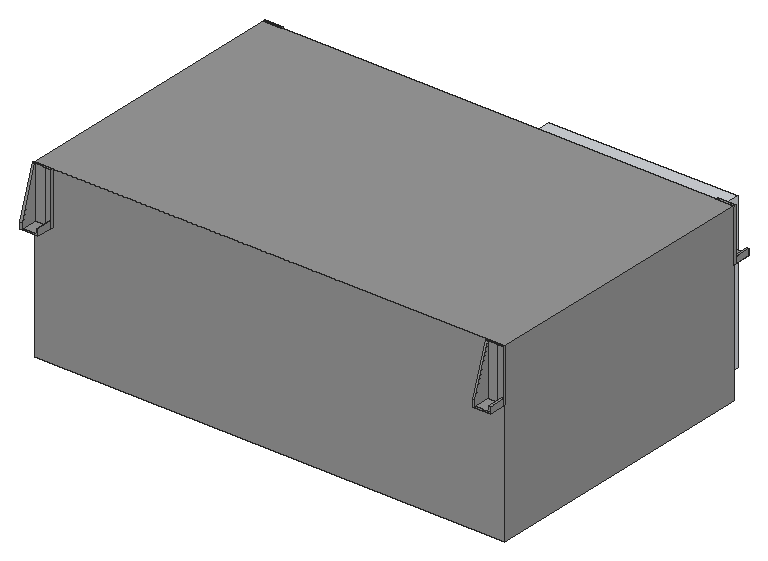
Revit family "НЕВАТОМ_Neiva 2 подвесная С-W-R 1000, Версия 2", category Оборудование, Revit 2017
Family settings
  Размер круглого соединителя = Использовать диаметр
  Тип детали = Нормальный
  На основе рабочей плоскости = Да
  Всегда вертикально = Нет
  При загрузке вырезать с полостями = Нет
  Общий = Нет
  Точка расчета площади = Нет
Parameters (values of type "C-1000-W-R")
  расстояние справа от щита = 592 mm
  расстояние до щита = 0 mm
  п5 = 468 mm
  п4 = 418 mm
  п3 = 230 mm
  п2 = 178 mm
  п1 = 128 mm
  длина щита = 440 mm
  длина ПВУ = 1100 mm
  глубина щита = 100 mm
  глубина ПВУ = 670 mm
  высота щита = 360 mm
  высота ПВУ = 410 mm
  вводный канал с = 945 mm
  вводный канал а = 946 mm
  вводный канал d = 255.081 mm
  вводный канал b = 68 mm
  Питание, В = "220"
  Default Elevation = 0 mm
  А6 = 270 mm
  s = 16.514 mm
  m = 38.324 mm
  k  длина = 313 mm
  g6 = 200 mm
  g5 = 240 mm
  g4 = 75 mm
  g3 = 130 mm
  g1 = 18 mm
  f6 = 24.614 mm
  f5 = 64.614 mm
  f4 = 63.91 mm
  f3 = 44.614 mm
  f2 = 44.614 mm
  f1 = 39.65 mm
  d вниз = 60 mm
  c низ влево = 620 mm
  b4 = 75 mm
  b3 = 126 mm
  b2 = 174 mm
  b1 = 272 mm
  b вверх = 80 mm
  a влево = 578 mm
  PG = 0 mm
  Nevatom_Регулятор воздуха = ""
  Nevatom_Производительность = ""
  Nevatom_Напорная характеристика, Р1 = 200.0 Pa
  Nevatom_Напорная характеристика, P = 0.0 Pa
  Nevatom_Мощность нагревателя = 0 W
  Nevatom_Для задания электроснабжения = ""
  Nevatom_URL = ""
  Nevatom_Q1, м³/ч = 2880.0 m³/h
  Nevatom_Q, м³/ч = 1800.0 m³/h
  ADSK_Ток = 4.55 A
  ADSK_Температура воздуха на выходе из нагревателя = 70 °C
  ADSK_Температура воздуха на входе в нагреватель = 90 °C
  ADSK_Расход жидкости = 0.62 m³/h
  ADSK_Расход воздуха = 0.0 m³/h
  ADSK_Размер_Ширина = глубина ПВУ  # 670 mm
  ADSK_Размер_Длина = длина ПВУ  # 1100 mm
  ADSK_Размер_Высота = высота ПВУ  # 410 mm
  ADSK_Потеря давления воздуха = 0.0 Pa
  ADSK_Полная мощность = ADSK_Номинальная мощность / ADSK_Коэффициент мощности  # 747.5 VA
  ADSK_Позиция = ""
  ADSK_Номинальная мощность = 598 W
  ADSK_Напряжение = 230 V
  ADSK_Наименование = "C-1000-W-R"
  ADSK_Материал наименование = "сталь оцинкованная крашенная"
  ADSK_Марка = "C-1000-W-R"
  ADSK_Коэффициент мощности = 0.8  # constant formula
  ADSK_Количество фаз числовое = 3
  ADSK_Количество фаз = 3
  ADSK_Количество = 1  # constant formula
  ADSK_Код изделия = ""
  ADSK_Завод-изготовитель = "НЕВАТОМ"  # constant formula
  ADSK_Единица измерения = "шт"
  A1 = 500 mm
Reference planes
  plane 1 "По центру (Вперед/Назад)": y = 0
  plane 2: z = 0
  plane 3 "По центру (Влево/Вправо)": x = 0
  plane 4: y = 758.601
  plane 5: y = 88.601
  plane 6: x = -730
  plane 7: x = 370
  plane 8: y = -11.399
  plane 9: x = -662
  plane 10: z = 410
  plane 11: x = -222
  plane 12: z = 0
  plane 13: z = 0
  plane 14: z = 360
  plane 15: y = 682.601
Forms (mm)
  Extrusion 1, solid, material "Сталь, окрашенная, слоновая кость, матовая"
    sketch origin (0, 0, 0) x (1, 0, 0) y (0, 1, 0)
      loop
        line (-730, 758.601) -> (-730, 88.601) -> (370, 88.601) -> (370, 758.601) -> (-730, 758.601)
    from 0 to 410
  Extrusion 2, solid
    sketch origin (520, 771.201, 0) x (1, 0, 0) y (0, 1, 0)
      loop
        line (-662, 87.399) -> (-662, -12.601) -> (-222, -12.601) -> (-222, 87.399) -> (-662, 87.399)
    from 0 to 360
Dimensions and locks
  plane 6 to plane 3 "По центру (Влево/Вправо)" to plane 7 = 730 mm, 370 mm
  "длина ПВУ": plane 6 to plane 7
  plane 4 to plane 5 to plane 1 "По центру (Вперед/Назад)" = 670 mm, 88.601 mm
  "глубина ПВУ": plane 4 to plane 5
  "глубина щита": plane 5 to plane 8
  "расстояние справа от щита": plane 11 to plane 7
  "высота ПВУ": plane 10 to level
  plane 12 to level = 0 mm
  "расстояние до щита": plane 13 to plane 12
  "высота щита": plane 14 to plane 13
  "длина щита": plane 11 to plane 9
  aligned and locked: level to plane 2
  aligned and locked: Extrusion 1 sketch curve to plane 4
  aligned and locked: plane 6 to Extrusion 1 sketch curve
  aligned and locked: Extrusion 1 sketch curve to plane 7
  aligned and locked: Extrusion 1 to plane 5
  aligned and locked: Extrusion 1 to plane 10
  aligned and locked: plane 10 to nested 1
  aligned and locked: plane 10 to nested 2
  aligned and locked: nested 4 to plane 10
  aligned and locked: nested 3 to plane 10
  aligned and locked: nested 5 to plane 4
  aligned and locked: plane 4 to nested 6
  aligned and locked: plane 4 to nested 19
  aligned and locked: nested 4 to plane 4
  aligned and locked: nested 3 to plane 4
Automatic sketch dimensions
  Extrusion 1 sketch curve to plane 5 = 0 mm
  Extrusion 2 sketch curve to plane 4 = 0 mm
  plane 11 to Extrusion 2 sketch curve = 80 mm
  Extrusion 2 sketch curve to plane 7 = 72 mm
  plane 4 to Extrusion 2 sketch curve = 100 mm
Nested families
  nested 1: "кронштейн" at (-707.156, 69.201, 413.126) x (1, 0, 0) z (0, 0, -1), type "кронштейн"
  nested 2: "кронштейн" at (350.844, 69.201, 413.126) x (1, 0, 0) z (0, 0, -1), type "кронштейн"
  nested 3: "кронштейн" at (-707.156, 778, 413.126) x (1, 0, 0) z (0, 0, -1), type "кронштейн"
  nested 4: "кронштейн" at (350.844, 778, 413.126) x (1, 0, 0) z (0, 0, -1), type "кронштейн"
  nested 5: "патрубок NWP" at (-252, 756.601, 280) x (1, 0, 0) z (0, 1, 0), type "патрубок NWP"
  nested 6: "патрубок NWP" at (-210, 758.601, 60) x (1, 0, 0) z (0, 1, 0), type "патрубок NWP"
  nested 7: "кабельный ввод PG16" at (-142, 808.601, 174) x (0, 1, 0) z (-1, 0, 0), type "PG16"
  nested 8: "кабельный ввод PG16" at (-142, 808.601, 50) x (0, 1, 0) z (-1, 0, 0), type "PG16"
  nested 9: "кабельный ввод PG11" at (-142, 807.879, 130) x (0, 1, 0) z (-1, 0, 0), type "PG11"
  nested 10: "кабельный ввод PG16" at (-142, 808.601, 217.296) x (0, 1, 0) z (-1, 0, 0), type "PG16"
  nested 11: "кабельный ввод PG16" at (-142, 808.601, 260.592) x (0, 1, 0) z (-1, 0, 0), type "PG16"
  nested 12: "выключатель пластик" at (293, 738.015, 125) x (0, -1, 0) z (1, 0, 0), type "выключатель пластик"
  nested 13: "кабельный ввод PG16" at (298, 808.601, 40) x (0, 1, 0) z (1, 0, 0), type "PG16"
  nested 14: "кабельный ввод PG21" at (205, 813.601, 0) x (-1, 0, 0) z (0, 0, -1), type "PG21"
  nested 15: "кабельный ввод PG11" at (150, 813.601, 0) x (-1, 0, 0) z (0, 0, -1), type "PG11"
  nested 16: "кабельный ввод PG11" at (75, 813.601, 0) x (-1, 0, 0) z (0, 0, -1), type "PG11"
  nested 17: "кабельный ввод PG11" at (-107, 783.601, 0) x (-1, 0, 0) z (0, 0, -1), type "PG11"
  nested 18: "кабельный ввод PG11" at (-57, 803.601, 0) x (-1, 0, 0) z (0, 0, -1), type "PG11"
  nested 19: "термостат" at (-341, 797.601, 255.121) x (-1, 0, 0) z (0, -1, 0), type "термостат"
  nested 20: "кабельный ввод PG11" at (-580.315, 758.601, 80.986) x (1, 0, 0) z (0, 1, 0), type "PG11"
  nested 21: "кабельный ввод PG11" at (-580.315, 758.601, 130.986) x (1, 0, 0) z (0, 1, 0), type "PG11"
  nested 22: "кабельный ввод PG11" at (-580.315, 758.601, 180.986) x (1, 0, 0) z (0, 1, 0), type "PG11"
  nested 23: "кабельный ввод PG11" at (-107, 833.601, 0) x (-1, 0, 0) z (0, 0, -1), type "PG11"
Connectors
  hvac at (370, 423.601, 205), driven by "А6", driven by "A1", driven by "ADSK_Расход воздуха", driven by "ADSK_Потеря давления воздуха"
    settings: on Extrusion 1, index 1, duct flow 0.0 m³/h, flow factor 0, pres drop 0.0 Pa, loss coef 0, conn angle 0.00°, conn width 500 mm, conn height 270 mm, conn diameter 609.6 mm, duct sys type 29, conn prof type 1, flow config 0, flow direction 1, loss method 4, conn ref index 2, conn util no, is conn primary yes, conn desc ""
  hvac at (-730, 423.601, 205), driven by "А6", driven by "A1", driven by "ADSK_Расход воздуха", driven by "ADSK_Потеря давления воздуха"
    settings: on Extrusion 1, index 2, duct flow 0.0 m³/h, flow factor 0, pres drop 0.0 Pa, loss coef 0, conn angle 0.00°, conn width 500 mm, conn height 270 mm, conn diameter 609.6 mm, duct sys type 1, conn prof type 1, flow config 2, flow direction 2, loss method 4, conn ref index 1, conn util no, is conn primary no, conn desc ""
  piping at (-252, 872.601, 280), diameter 30
    settings: on nested 5, index 3, connector inside diameter 609.6 mm, connector length 0 mm, flow factor 0, pipe flow 0.0 m³/h, pressure drop 0.0 Pa, fitting loss kfactor 0, connector angle 0.00°, fixture units 0, engagement length 0 mm, angle of deflection 0.00°, flow configuration 0, flow direction 0, fitting loss method 0, system type 19, joint type 0, gender type 0, connector reference index -1, connector utility 0, adjustable connector no, is connector primary yes, connector description ""
  piping at (-210, 874.601, 60), diameter 30
    settings: on nested 6, index 4, connector inside diameter 609.6 mm, connector length 0 mm, flow factor 0, pipe flow 0.0 m³/h, pressure drop 0.0 Pa, fitting loss kfactor 0, connector angle 0.00°, fixture units 0, engagement length 0 mm, angle of deflection 0.00°, flow configuration 0, flow direction 0, fitting loss method 0, system type 19, joint type 0, gender type 0, connector reference index -1, connector utility 0, adjustable connector no, is connector primary no, connector description ""
  electrical at (298, 808.601, 40)
    settings: on nested 13, index 5, voltage 0 V, apparent load 0 VA, apparent load phase1 0 VA, apparent load phase2 0 VA, apparent load phase3 0 VA, power factor 1, load classification "Прочее", number of poles 1, system type 5, power factor state 1, is connector primary yes, connector utility no, sub classification motor no, connector description ""
  electrical at (205, 813.601, 0), driven by "ADSK_Количество фаз", driven by "ADSK_Напряжение", driven by "ADSK_Полная мощность", driven by "ADSK_Коэффициент мощности"
    settings: on nested 14, index 6, voltage 230 V, apparent load 0 VA, apparent load phase1 747.5 VA, apparent load phase2 0 VA, apparent load phase3 0 VA, power factor 0.8, load classification "Двигатель", number of poles 3, system type 31, power factor state 1, is connector primary no, connector utility no, sub classification motor no, connector description ""
  electrical at (150, 813.601, 0)
    settings: on nested 15, index 7, voltage 0 V, apparent load 0 VA, apparent load phase1 0 VA, apparent load phase2 0 VA, apparent load phase3 0 VA, power factor 1, load classification "Прочее", number of poles 1, system type 5, power factor state 1, is connector primary no, connector utility no, sub classification motor no, connector description ""
  electrical at (75, 813.601, 0)
    settings: on nested 16, index 8, voltage 0 V, apparent load 0 VA, apparent load phase1 0 VA, apparent load phase2 0 VA, apparent load phase3 0 VA, power factor 1, load classification "Прочее", number of poles 1, system type 14, power factor state 1, is connector primary no, connector utility no, sub classification motor no, connector description ""
  electrical at (-57, 803.601, 0)
    settings: on nested 18, index 9, voltage 0 V, apparent load 0 VA, apparent load phase1 0 VA, apparent load phase2 0 VA, apparent load phase3 0 VA, power factor 1, load classification "Прочее", number of poles 1, system type 14, power factor state 1, is connector primary no, connector utility no, sub classification motor no, connector description ""
  electrical at (-107, 783.601, 0)
    settings: on nested 17, index 10, voltage 0 V, apparent load 0 VA, apparent load phase1 0 VA, apparent load phase2 0 VA, apparent load phase3 0 VA, power factor 1, load classification "Прочее", number of poles 1, system type 14, power factor state 1, is connector primary no, connector utility no, sub classification motor no, connector description ""
  electrical at (-107, 833.601, 0)
    settings: on nested 23, index 11, voltage 0 V, apparent load 0 VA, apparent load phase1 0 VA, apparent load phase2 0 VA, apparent load phase3 0 VA, power factor 1, load classification "Прочее", number of poles 1, system type 14, power factor state 1, is connector primary no, connector utility no, sub classification motor no, connector description ""
  electrical at (-142, 808.601, 50)
    settings: on nested 8, index 12, voltage 0 V, apparent load 0 VA, apparent load phase1 0 VA, apparent load phase2 0 VA, apparent load phase3 0 VA, power factor 1, load classification "Прочее", number of poles 1, system type 5, power factor state 1, is connector primary no, connector utility no, sub classification motor no, connector description ""
  electrical at (-142, 807.879, 130)
    settings: on nested 9, index 13, voltage 0 V, apparent load 0 VA, apparent load phase1 0 VA, apparent load phase2 0 VA, apparent load phase3 0 VA, power factor 1, load classification "Прочее", number of poles 1, system type 14, power factor state 1, is connector primary no, connector utility no, sub classification motor no, connector description ""
  electrical at (-142, 808.601, 174)
    settings: on nested 7, index 14, voltage 0 V, apparent load 0 VA, apparent load phase1 0 VA, apparent load phase2 0 VA, apparent load phase3 0 VA, power factor 1, load classification "Прочее", number of poles 1, system type 14, power factor state 1, is connector primary no, connector utility no, sub classification motor no, connector description ""
  electrical at (-142, 808.601, 217.296)
    settings: on nested 10, index 15, voltage 0 V, apparent load 0 VA, apparent load phase1 0 VA, apparent load phase2 0 VA, apparent load phase3 0 VA, power factor 1, load classification "Прочее", number of poles 1, system type 14, power factor state 1, is connector primary no, connector utility no, sub classification motor no, connector description ""
  electrical at (-142, 808.601, 260.592)
    settings: on nested 11, index 16, voltage 0 V, apparent load 0 VA, apparent load phase1 0 VA, apparent load phase2 0 VA, apparent load phase3 0 VA, power factor 1, load classification "Прочее", number of poles 1, system type 14, power factor state 1, is connector primary no, connector utility no, sub classification motor no, connector description ""
Definition of nested family "кронштейн"
  Reference planes
    plane 1 "По центру (Вперед/Назад)": y = 0
    plane 2: z = 0
    plane 3 "По центру (Влево/Вправо)": x = 0
  Forms (mm)
    Extrusion 1, solid
      sketch origin (-545.844, 366.399, 0) x (0, 1, 0) y (0, 0, 1)
        loop
          line (-351.118, 126.794) -> (-389, 126.794) -> (-389, 111.794) -> (-351.118, 3.126) -> (-351.118, 126.794)
      from 523 to 527.712
    Extrusion 2, solid
      sketch origin (-545.844, 301.399, 0) x (1, 0, 0) y (0, 0, 1)
        loop
          line (557.712, 126.794) -> (557.712, 123.742) -> (561.763, 123.742) -> (561.763, 111.794) -> (565, 111.794) -> (565, 126.794) -> (557.712, 126.794)
      from 286.118 to 324
    Extrusion 3, solid
      sketch origin (-545.844, 301.399, 20) x (1, 0, 0) y (0, 0, 1)
        loop
          line (565, -16.874) -> (565, 106.794) -> (553, 106.794) -> (553, -16.874) -> (565, -16.874)
      from 282 to 286.118
    Extrusion 4, solid
      sketch origin (-545.844, 301.399, 20) x (1, 0, 0) y (0, 0, 1)
        loop
          line (565, -16.874) -> (565, 106.794) -> (523, 106.794) -> (523, -16.874) -> (565, -16.874)
      from 282 to 286.118
    Extrusion 5, solid
      sketch origin (-545.844, 301.399, 0) x (1, 0, 0) y (0, 0, 1)
        loop
          line (527.712, 126.794) -> (527.712, 123.742) -> (561.763, 123.742) -> (561.763, 111.794) -> (565, 111.794) -> (565, 126.794) -> (527.712, 126.794)
      from 286.118 to 324
  Dimensions and locks
    aligned and locked: level to plane 2
Definition of nested family "патрубок NWP"
  Parameters (values of type "патрубок NWP")
    Default Elevation = 1219.2 mm
    d = 35 mm
    H = 116 mm
    D1 = 33 mm
    D патрубка = 33 mm
    D = 65 mm
  Reference planes
    plane 1 "По центру (Вперед/Назад)": y = 0
    plane 2: z = 0
    plane 3 "По центру (Влево/Вправо)": x = 0
    plane 4: z = 116
  Forms (mm)
    Extrusion 1, solid
      sketch origin (0, 0, 0) x (1, 0, 0) y (0, 1, 0)
        loop
          circle (0, 0) r 17.5
        loop
          circle (0, 0) r 32.5
        loop
          circle (0, 25.572) r 2.341
        loop
          circle (25.506, 0) r 2.503
        loop
          circle (0, -25.338) r 2.519
        loop
          circle (-26.427, 0) r 2.503
      from 0 to 2
    Extrusion 2, solid
      sketch origin (0, 0, 0) x (1, 0, 0) y (0, 1, 0)
        loop
          circle (0, 0) r 16.5
      from 0 to 116
  Dimensions and locks
    "H": plane 4 to level
    "D": diameter of Extrusion 1 sketch curve
    "d": diameter of Extrusion 1 sketch curve
    "D1": diameter of Extrusion 2 sketch curve
    "D патрубка": diameter of Extrusion 2
    aligned and locked: level to plane 2
    aligned and locked: plane 4 to Extrusion 2
    aligned and locked: Extrusion 1 to level
  Automatic sketch dimensions
    Extrusion 1 sketch curve to Extrusion 1 sketch curve = 0 mm  (x2)
    plane 1 "По центру (Вперед/Назад)" to Extrusion 1 sketch curve = 0 mm  (x3)
    Extrusion 1 sketch curve to plane 3 "По центру (Влево/Вправо)" = 0 mm  (x3)
    Extrusion 1 sketch curve to plane 3 "По центру (Влево/Вправо)" = 26.427 mm
    plane 3 "По центру (Влево/Вправо)" to Extrusion 1 sketch curve = 25.506 mm
    plane 1 "По центру (Вперед/Назад)" to Extrusion 1 sketch curve = 25.338 mm
    Extrusion 1 sketch curve to plane 1 "По центру (Вперед/Назад)" = 25.572 mm
    plane 1 "По центру (Вперед/Назад)" to Extrusion 2 sketch curve = 0 mm
    Extrusion 2 sketch curve to plane 3 "По центру (Влево/Вправо)" = 0 mm
    radius of Extrusion 1 sketch curve = 2.341 mm
    radius of Extrusion 1 sketch curve = 2.503 mm  (x2)
    radius of Extrusion 1 sketch curve = 2.519 mm
Definition of nested family "кабельный ввод PG16"
  Parameters (values of type "PG16")
    Default Elevation = 1219.2 mm
    d = 10 mm
    b = 25.371 mm
    a = 21.972 mm
    H = 28 mm
  Reference planes
    plane 1 "По центру (Вперед/Назад)": y = 0
    plane 2: z = 0
    plane 3 "По центру (Влево/Вправо)": x = 0
    plane 4: z = 28
    plane 5: z = 18
  Forms (mm)
    Blend 1, solid
      base sketch origin (0, 0, 0) x (1, 0, 0) y (0, 1, 0)
        loop
          circle (0, 0) r 10
      top sketch origin (0, 0, 0) x (1, 0, 0) y (0, 1, 0)
        loop
          circle (0, 0) r 5
      from 18 to 28
    Extrusion 2, void
      sketch origin (0, 0, 0) x (1, 0, 0) y (0, 1, 0)
        loop
          circle (0, 0) r 5.415
      from 0 to 28
    Extrusion 3, solid
      sketch origin (0, 0, 0) x (1, 0, 0) y (0, 1, 0)
        loop
          circle (0, 0) r 5.415
        loop
          line (13.498, 0) -> (6.749, 11.69) -> (-6.749, 11.69) -> (-13.498, 0) -> (-6.749, -11.69) -> (6.749, -11.69) -> (13.498, 0)
      from 0 to 18
  Cuts and joins
    Extrusion 2 cuts Blend 1
  Dimensions and locks
    "H": plane 4 to level
    aligned and locked: level to plane 2
  Automatic sketch dimensions
    plane 1 "По центру (Вперед/Назад)" to Blend 1 sketch curve = 0 mm  (x2)
    Blend 1 sketch curve to plane 3 "По центру (Влево/Вправо)" = 0 mm  (x2)
    plane 1 "По центру (Вперед/Назад)" to Extrusion 2 sketch curve = 0 mm
    Extrusion 2 sketch curve to plane 3 "По центру (Влево/Вправо)" = 0 mm
    plane 1 "По центру (Вперед/Назад)" to Extrusion 3 sketch curve = 0 mm
    Extrusion 3 sketch curve to plane 3 "По центру (Влево/Вправо)" = 0 mm
    radius of Blend 1 sketch curve = 5 mm
    radius of Extrusion 2 sketch curve = 5.415 mm
    radius of Blend 1 sketch curve = 10 mm
    radius of Extrusion 3 sketch curve = 5.415 mm
Definition of nested family "кабельный ввод PG11"
  Parameters (values of type "PG11")
    Default Elevation = 1219.2 mm
    d = 10 mm
    b = 25.371 mm
    a = 21.972 mm
    H = 26 mm
  Types (4, lengths in mm): name | H
    (no name) | 26
    PG11 | 26
    PG16 | 28
    PG21 | 33
  Reference planes
    plane 1 "По центру (Вперед/Назад)": y = 0
    plane 2: z = 0
    plane 3 "По центру (Влево/Вправо)": x = 0
    plane 4: z = 26
    plane 5: z = 18
    plane 6: x = -12.685
  Forms (mm)
    Extrusion 1, solid
      sketch origin (0, 0, 0) x (1, 0, 0) y (0, 1, 0)
        loop
          line (12.685, 0) -> (6.343, 10.986) -> (-6.343, 10.986) -> (-12.685, 0) -> (-6.343, -10.986) -> (6.343, -10.986) -> (12.685, 0)
        loop
          circle (0, 0) r 5
      from 0 to 18
    Blend 2, solid
      base sketch origin (0, 0, 0) x (1, 0, 0) y (0, 1, 0)
        loop
          circle (0, 0) r 10
      top sketch origin (0, 0, 0) x (1, 0, 0) y (0, 1, 0)
        loop
          circle (0, 0) r 5
      from 18 to 26
    Extrusion 3, void
      sketch origin (0, 0, 0) x (1, 0, 0) y (0, 1, 0)
        loop
          circle (0, 0) r 5.415
      from 0 to 26
  Cuts and joins
    Extrusion 3 cuts Extrusion 1
    Extrusion 3 cuts Blend 2
  Dimensions and locks
    "H": plane 4 to level
    aligned and locked: level to plane 2
  Automatic sketch dimensions
    plane 1 "По центру (Вперед/Назад)" to Extrusion 1 sketch curve = 0 mm  (x3)
    Extrusion 1 sketch curve to plane 6 = 0 mm
    Extrusion 1 sketch curve to plane 3 "По центру (Влево/Вправо)" = 0 mm
    Extrusion 1 sketch curve to plane 3 "По центру (Влево/Вправо)" = 6.343 mm  (x2)
    plane 3 "По центру (Влево/Вправо)" to Extrusion 1 sketch curve = 6.343 mm  (x2)
    Extrusion 1 sketch curve to Extrusion 1 sketch curve = 6.343 mm
    plane 1 "По центру (Вперед/Назад)" to Extrusion 1 sketch curve = 10.986 mm
    Extrusion 1 sketch curve to plane 1 "По центру (Вперед/Назад)" = 10.986 mm
    plane 1 "По центру (Вперед/Назад)" to Blend 2 sketch curve = 0 mm  (x2)
    Blend 2 sketch curve to plane 3 "По центру (Влево/Вправо)" = 0 mm  (x2)
    plane 1 "По центру (Вперед/Назад)" to Extrusion 3 sketch curve = 0 mm
    Extrusion 3 sketch curve to plane 3 "По центру (Влево/Вправо)" = 0 mm
    radius of Extrusion 1 sketch curve = 5 mm
    radius of Blend 2 sketch curve = 10 mm
    radius of Blend 2 sketch curve = 5 mm
    radius of Extrusion 3 sketch curve = 5.415 mm
Definition of nested family "выключатель пластик"
  Parameters (values of type "выключатель пластик")
    Default Elevation = 1219.2 mm
    h = 18 mm
    b = 44 mm
    a = 44 mm
  Reference planes
    plane 1 "По центру (Вперед/Назад)": y = 0
    plane 2: z = 0
    plane 3 "По центру (Влево/Вправо)": x = 0
    plane 4: x = -22
    plane 5: x = 22
    plane 6: y = -22
    plane 7: y = 22
    plane 8: z = 18
  Forms (mm)
    Extrusion 1, solid
      sketch origin (0, 0, 0) x (1, 0, 0) y (0, 1, 0)
        loop
          line (-22, 22) -> (-22, -22) -> (22, -22) -> (22, 22) -> (-22, 22)
      from 5 to 10
    Extrusion 2, solid
      sketch origin (0, 0, 0) x (1, 0, 0) y (0, 1, 0)
        loop
          circle (0, 0) r 17.083
        loop
          circle (0, 0) r 13.032
      from 10 to 20
    Extrusion 3, solid
      sketch origin (0, 0, 0) x (1, 0, 0) y (0, 1, 0)
        loop
          line (-1.523, -13.032) -> (1.565, -13.032) -> (1.565, 12.938) -> (-1.523, 12.938) -> (-1.523, -13.032)
      from 5 to 20
  Cuts and joins
    joined: Extrusion 1, Extrusion 2
  Dimensions and locks
    equal spacing: plane 7, plane 1 "По центру (Вперед/Назад)", plane 6
    "a": plane 7 to plane 6
    equal spacing: plane 4, plane 3 "По центру (Влево/Вправо)", plane 5
    "b": plane 4 to plane 5
    "h": plane 8 to level
    aligned and locked: level to plane 2
  Automatic sketch dimensions
    Extrusion 1 sketch curve to plane 4 = 0 mm
    Extrusion 1 sketch curve to plane 5 = 0 mm
    Extrusion 1 sketch curve to plane 6 = 0 mm
    Extrusion 1 sketch curve to plane 7 = 0 mm
    Extrusion 2 sketch curve to Extrusion 2 sketch curve = 0 mm  (x2)
    plane 1 "По центру (Вперед/Назад)" to Extrusion 2 sketch curve = 0 mm
    Extrusion 2 sketch curve to plane 3 "По центру (Влево/Вправо)" = 0 mm
    Extrusion 3 sketch curve to plane 3 "По центру (Влево/Вправо)" = 1.523 mm
    plane 3 "По центру (Влево/Вправо)" to Extrusion 3 sketch curve = 1.565 mm
    plane 6 to Extrusion 3 sketch curve = 8.968 mm
    Extrusion 3 sketch curve to plane 7 = 9.062 mm
    radius of Extrusion 2 sketch curve = 17.083 mm
    radius of Extrusion 2 sketch curve = 13.032 mm
Definition of nested family "кабельный ввод PG21"
  Parameters (values of type "PG11")
    Default Elevation = 1219.2 mm
    d = 10 mm
    b = 25.371 mm
    a = 21.972 mm
    H = 32 mm
  Types (4, lengths in mm): name | H
    (no name) | 26
    PG11 | 32
    PG16 | 28
    PG21 | 33
  Reference planes
    plane 1 "По центру (Вперед/Назад)": y = 0
    plane 2: z = 0
    plane 3 "По центру (Влево/Вправо)": x = 0
    plane 4: z = 32
    plane 5: z = 18
  Forms (mm)
    Blend 1, solid
      base sketch origin (0, 0, 0) x (1, 0, 0) y (0, 1, 0)
        loop
          circle (0, 0) r 14
      top sketch origin (0, 0, 0) x (1, 0, 0) y (0, 1, 0)
        loop
          circle (0, 0) r 5
      from 22.641 to 32
    Extrusion 2, void
      sketch origin (0, 0, 0) x (1, 0, 0) y (0, 1, 0)
        loop
          circle (0, 0) r 5.415
      from 0 to 32
    Extrusion 3, solid
      sketch origin (0, 0, 0) x (0.999848, 0.017452, 0) y (-0.017452, 0.999848, 0)
        loop
          circle (0, 0) r 6.071
        loop
          line (18.415, -0.321) -> (9.486, 15.787) -> (-8.929, 16.108) -> (-18.415, 0.321) -> (-9.486, -15.787) -> (8.929, -16.108) -> (18.415, -0.321)
      from 0 to 22.641
  Cuts and joins
    Extrusion 2 cuts Blend 1
  Dimensions and locks
    "H": plane 4 to level
    aligned and locked: level to plane 2
  Automatic sketch dimensions
    plane 1 "По центру (Вперед/Назад)" to Blend 1 sketch curve = 0 mm  (x2)
    Blend 1 sketch curve to plane 3 "По центру (Влево/Вправо)" = 0 mm  (x2)
    plane 1 "По центру (Вперед/Назад)" to Extrusion 2 sketch curve = 0 mm
    Extrusion 2 sketch curve to plane 3 "По центру (Влево/Вправо)" = 0 mm
    plane 1 "По центру (Вперед/Назад)" to Extrusion 3 sketch curve = 0 mm  (x3)
    Extrusion 3 sketch curve to plane 3 "По центру (Влево/Вправо)" = 0 mm
    Extrusion 3 sketch curve to Extrusion 3 sketch curve = 9.486 mm  (x2)
    Extrusion 3 sketch curve to Extrusion 3 sketch curve = 0.321 mm
    Extrusion 3 sketch curve to Extrusion 3 sketch curve = 8.929 mm  (x2)
    Extrusion 3 sketch curve to Extrusion 3 sketch curve = 18.415 mm  (x2)
    Extrusion 3 sketch curve to Extrusion 3 sketch curve = 16.108 mm  (x2)
    Extrusion 3 sketch curve to Extrusion 3 sketch curve = 15.787 mm
    radius of Blend 1 sketch curve = 14 mm
    radius of Blend 1 sketch curve = 5 mm
    radius of Extrusion 2 sketch curve = 5.415 mm
    radius of Extrusion 3 sketch curve = 6.071 mm
Definition of nested family "термостат"
  Parameters (values of type "термостат")
    Default Elevation = 1219.2 mm
    h = 39 mm
    b = 61 mm
    a = 74 mm
  Reference planes
    plane 1 "По центру (Вперед/Назад)": y = 0
    plane 2: z = 0
    plane 3 "По центру (Влево/Вправо)": x = 0
    plane 4: y = 30.5
    plane 5: x = 37
    plane 6: x = -37
    plane 7: y = -30.5
    plane 8: z = 39
  Forms (mm)
    Extrusion 1, solid
      sketch origin (0, 0, 0) x (1, 0, 0) y (0, 1, 0)
        loop
          line (-37, -30.5) -> (37, -30.5) -> (37, 30.5) -> (-37, 30.5) -> (-37, -30.5)
      from 0 to 39
    Extrusion 2, solid
      sketch origin (0, 0, 0) x (1, 0, 0) y (0, 0, 1)
        loop
          circle (15.272, 16.546) r 15
      from 30.5 to 43.051
    Extrusion 3, solid
      sketch origin (0, 0, 0) x (1, 0, 0) y (0, 0, 1)
        loop
          circle (-17.283, 28.063) r 2.025
      from -54.437 to -30.5
  Dimensions and locks
    "h": plane 8 to level
    equal spacing: plane 6, plane 3 "По центру (Влево/Вправо)", plane 5
    "a": plane 6 to plane 5
    equal spacing: plane 4, plane 1 "По центру (Вперед/Назад)", plane 7
    "b": plane 4 to plane 7
    aligned and locked: level to plane 2
  Automatic sketch dimensions
    Extrusion 1 sketch curve to plane 4 = 0 mm
    Extrusion 1 sketch curve to plane 6 = 0 mm
    Extrusion 1 sketch curve to plane 5 = 0 mm
    Extrusion 1 sketch curve to plane 7 = 0 mm
    plane 3 "По центру (Влево/Вправо)" to Extrusion 2 sketch curve = 15.272 mm
    level to Extrusion 2 sketch curve = 16.546 mm
    Extrusion 3 sketch curve to plane 3 "По центру (Влево/Вправо)" = 17.283 mm
    Extrusion 3 sketch curve to plane 8 = 10.937 mm
    radius of Extrusion 2 sketch curve = 15 mm
    radius of Extrusion 3 sketch curve = 2.025 mm
